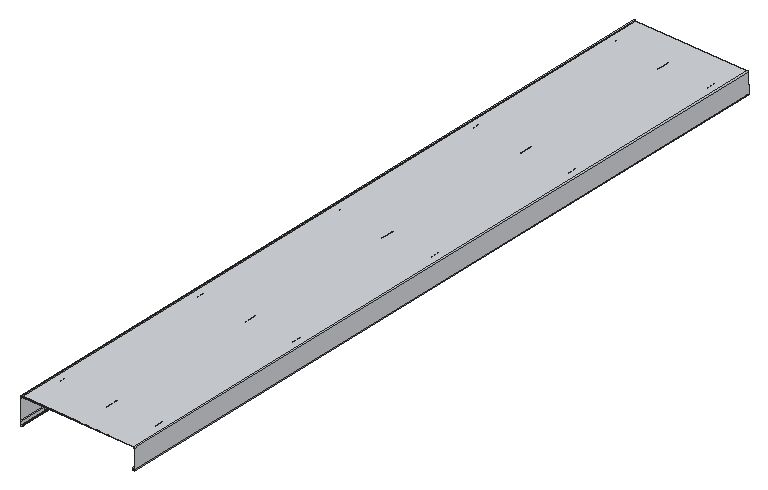
Revit family "AT300", category 一般モデル, Revit 2022
Family settings
  鉄筋をホスト可能 = いいえ
  丸型コネクタ寸法 = 直径を使用
  パーツ タイプ = 標準
  作業面ベース = いいえ
  常に垂直 = はい
  ロード時にボイドで切り取り = いいえ
  注釈の向きを維持 = いいえ
  共有 = いいえ
  部屋計算ポイント = いいえ
Parameters
  笠木長さ [instance] = 2000 mm
  既定の高さ = 0 mm
  定尺笠木長さ = 4000 mm
  固定金具数 [instance] = 5
  判定 [instance] = if(笠木長さ > 4000 mm, 定尺笠木長さ, 笠木長さ)  # 2000 mm
Reference planes
  plane 1 "中心(正面/背面)": y = 0
  plane 2: z = 0
  plane 3 "中心(左/右)": x = 0
  plane 4: y = -2000
  plane 5: x = 150
  plane 6: x = -150
  plane 7: z = -43
  plane 8: y = -100
  plane 9: y = -1900
Forms (mm)
  Extrusion 1, solid
    sketch origin (-234.793, 0, -147.96) x (1, 0, 0) y (0, 0, 1)
      loop
        arc (87.96, 174.802) -> (85.731, 173.986) -> (84.793, 171.807) r 3
        line (84.793, 171.807) -> (84.793, 105.46)
        arc (84.793, 105.46) -> (84.939, 105.107) -> (85.293, 104.96) r 0.5
        line (85.293, 104.96) -> (90.793, 104.96)
        arc (90.793, 104.96) -> (91.146, 105.107) -> (91.293, 105.46) r 0.5
        line (91.293, 105.46) -> (91.293, 107.76)
        arc (91.293, 107.76) -> (91.146, 108.114) -> (90.793, 108.26) r 0.5
        line (90.793, 108.26) -> (87.393, 108.26) -> (87.393, 113.26) -> (86.793, 118.26) -> (86.793, 170.755)
        arc (86.793, 170.755) -> (87.415, 172.206) -> (88.896, 172.753) r 2
        line (88.896, 172.753) -> (380.889, 158.153)
        arc (380.889, 158.153) -> (382.24, 157.535) -> (382.793, 156.155) r 2
        line (382.793, 156.155) -> (382.793, 118.26) -> (382.193, 113.26) -> (382.193, 108.26) -> (378.793, 108.26)
        arc (378.793, 108.26) -> (378.439, 108.114) -> (378.293, 107.76) r 0.5
        line (378.293, 107.76) -> (378.293, 105.46)
        arc (378.293, 105.46) -> (378.439, 105.107) -> (378.793, 104.96) r 0.5
        line (378.793, 104.96) -> (384.293, 104.96)
        arc (384.293, 104.96) -> (384.646, 105.107) -> (384.793, 105.46) r 0.5
        line (384.793, 105.46) -> (384.793, 157.107)
        arc (384.793, 157.107) -> (383.972, 159.168) -> (381.96, 160.102) r 3
        line (381.96, 160.102) -> (87.96, 174.802)
    from 0 to 2000
  Extrusion 2, solid, not visible
    sketch origin (339.89, 0, -34.5) x (1, 0, 0) y (0, 0, 1)
      loop
        arc (87.96, 174.802) -> (85.731, 173.986) -> (84.793, 171.807) r 3
        line (84.793, 171.807) -> (84.793, 105.46)
        arc (84.793, 105.46) -> (84.939, 105.107) -> (85.293, 104.96) r 0.5
        line (85.293, 104.96) -> (90.793, 104.96)
        arc (90.793, 104.96) -> (91.146, 105.107) -> (91.293, 105.46) r 0.5
        line (91.293, 105.46) -> (91.293, 107.76)
        arc (91.293, 107.76) -> (91.146, 108.114) -> (90.793, 108.26) r 0.5
        line (90.793, 108.26) -> (87.393, 108.26) -> (87.393, 113.26) -> (86.793, 118.26) -> (86.793, 170.755)
        arc (86.793, 170.755) -> (87.415, 172.206) -> (88.896, 172.753) r 2
        line (88.896, 172.753) -> (380.889, 158.153)
        arc (380.889, 158.153) -> (382.24, 157.535) -> (382.793, 156.155) r 2
        line (382.793, 156.155) -> (382.793, 118.26) -> (382.193, 113.26) -> (382.193, 108.26) -> (378.793, 108.26)
        arc (378.793, 108.26) -> (378.439, 108.114) -> (378.293, 107.76) r 0.5
        line (378.293, 107.76) -> (378.293, 105.46)
        arc (378.293, 105.46) -> (378.439, 105.107) -> (378.793, 104.96) r 0.5
        line (378.793, 104.96) -> (384.293, 104.96)
        arc (384.293, 104.96) -> (384.646, 105.107) -> (384.793, 105.46) r 0.5
        line (384.793, 105.46) -> (384.793, 157.107)
        arc (384.793, 157.107) -> (383.972, 159.168) -> (381.96, 160.102) r 3
        line (381.96, 160.102) -> (87.96, 174.802)
    from 0 to 250
Dimensions and locks
  "笠木長さ": plane 4 to plane 1 "中心(正面/背面)"
  locked: plane 7 to plane 2 at 43
  locked: plane 6 to plane 3 "中心(左/右)" at 150
  plane 5 to plane 3 "中心(左/右)" = 150 mm
  plane 6 to plane 5 = 300 mm
  locked: plane 1 "中心(正面/背面)" to plane 8 at 100
  locked: plane 9 to plane 4 at 100
  locked: nested 1 to plane 8 at 25
  equal spacing: group 2, group 4, group 5, group 6, group 3  (x2)
  equal spacing: group 3, group 6, group 5, group 4, group 2
  locked: plane 9 to nested 2 at 25
  "判定": Extrusion 1 to plane 1 "中心(正面/背面)"
  aligned and locked: level to plane 2
  aligned and locked: plane 6 to Extrusion 1
  aligned and locked: Extrusion 1 to plane 7
  aligned and locked: Extrusion 1 to plane 4
  aligned and locked: nested 1 to level
Automatic sketch dimensions
  plane 6 to Extrusion 1 sketch curve = 0 mm
  Extrusion 1 sketch curve to plane 7 = 0 mm  (x2)
  plane 5 to Extrusion 1 sketch curve = 0 mm
  Extrusion 1 sketch curve to plane 6 = 0.5 mm
  Extrusion 1 sketch curve to plane 6 = 2 mm
  Extrusion 1 sketch curve to plane 6 = 2.6 mm
  Extrusion 1 sketch curve to Extrusion 1 sketch curve = 1 mm  (x4)
  Extrusion 1 sketch curve to Extrusion 1 sketch curve = 0.168 mm
  Extrusion 1 sketch curve to Extrusion 1 sketch curve = 1.104 mm
  Extrusion 1 sketch curve to Extrusion 1 sketch curve = 3.4 mm
  Extrusion 1 sketch curve to Extrusion 1 sketch curve = 0 mm
  Extrusion 1 sketch curve to Extrusion 1 sketch curve = 0.5 mm  (x2)
  plane 7 to Extrusion 1 sketch curve = 0.5 mm
  plane 5 to Extrusion 1 sketch curve = 6.5 mm
  plane 5 to Extrusion 1 sketch curve = 4 mm
  Extrusion 1 sketch curve to Extrusion 1 sketch curve = 0.096 mm
  Extrusion 1 sketch curve to Extrusion 1 sketch curve = 1.071 mm
  plane 5 to Extrusion 1 sketch curve = 2.6 mm
  plane 5 to Extrusion 1 sketch curve = 0.5 mm
  Extrusion 1 sketch curve to Extrusion 1 sketch curve = 2.3 mm  (x2)
  Extrusion 1 sketch curve to Extrusion 1 sketch curve = 5 mm  (x4)
  level to Extrusion 1 sketch curve = 8.195 mm
  Extrusion 1 sketch curve to Extrusion 1 sketch curve = 0.951 mm
  level to Extrusion 1 sketch curve = 22.795 mm
  Extrusion 1 sketch curve to Extrusion 1 sketch curve = 1.051 mm
Nested families
  nested 1: "ATAF300" at (0, -75, -5), type "ATAF300"
  nested 2: "ATAF300" at (0, -1875, -5), type "ATAF300"
  nested 3: "ATAF300" at (0, -525, -5), type "ATAF300"
  nested 4: "ATAF300" at (0, -975, -5), type "ATAF300"
  nested 5: "ATAF300" at (0, -1425, -5), type "ATAF300"
Definition of nested family "ATAF300"
  Parameters
    Default Elevation = 0 mm
  Reference planes
    plane 1 "中心(正面/背面)": y = 0
    plane 2: z = 5
    plane 3 "中心(左/右)": x = 0
  Forms (mm)
    Extrusion 1, solid
      sketch origin (-234.793, 0, -142.354) x (1, 0, 0) y (0, 0, 1)
        loop
          line (382.193, 108.26) -> (382.193, 116.776) -> (372.593, 156.554) -> (351.093, 157.678) -> (350.626, 156.769) -> (350.593, 154.252)
          arc (350.593, 154.252) -> (349.934, 152.768) -> (348.391, 152.262) r 2
          line (348.391, 152.262) -> (332.607, 153.753) -> (324.043, 153.754) -> (287.673, 153.754) -> (283.162, 151.194) -> (244.793, 151.154) -> (244.793, 153.554) -> (243.293, 153.554) -> (243.293, 151.154) -> (237.443, 151.154)
          arc (237.443, 151.154) -> (236.382, 151.593) -> (235.943, 152.654) r 1.5
          line (235.943, 152.654) -> (235.943, 159.067)
          arc (235.943, 159.067) -> (236.412, 160.157) -> (237.527, 160.565) r 1.5
          line (237.527, 160.565) -> (244.793, 160.201) -> (244.793, 162.504) -> (234.793, 163.004) -> (224.793, 163.504) -> (224.793, 161.201) -> (232.208, 160.83)
          arc (232.208, 160.83) -> (233.226, 160.369) -> (233.643, 159.332) r 1.5
          line (233.643, 159.332) -> (233.643, 152.654)
          arc (233.643, 152.654) -> (233.203, 151.593) -> (232.143, 151.154) r 1.5
          line (232.143, 151.154) -> (226.293, 151.154) -> (226.293, 153.554) -> (224.793, 153.554) -> (224.793, 151.154) -> (186.573, 151.154) -> (182.062, 153.714) -> (153.639, 153.754) -> (137.009, 153.754) -> (126.443, 152.559)
          arc (126.443, 152.559) -> (123.328, 153.55) -> (121.993, 156.533) r 4
          line (121.993, 156.533) -> (121.993, 164.251) -> (120.993, 168.704) -> (96.993, 170.384) -> (87.393, 115.443) -> (87.393, 112.06)
          arc (87.393, 112.06) -> (87.093, 111.76) -> (87.393, 111.46) r 0.3
          line (87.393, 111.46) -> (88.192, 111.46) -> (88.192, 110.09) -> (87.393, 110.09)
          arc (87.393, 110.09) -> (87.063, 109.76) -> (87.393, 109.43) r 0.33
          line (87.393, 109.43) -> (87.393, 108.26) -> (89.493, 108.26) -> (89.493, 110.275) -> (99.73, 162.803)
          arc (99.73, 162.803) -> (101.036, 164.91) -> (103.41, 165.624) r 3.5
          line (103.41, 165.624) -> (115.367, 164.787)
          arc (115.367, 164.787) -> (117.021, 163.998) -> (117.693, 162.293) r 2.5
          line (117.693, 162.293) -> (117.693, 147.354) -> (355.093, 147.354) -> (355.093, 151.619)
          arc (355.093, 151.619) -> (356.069, 152.76) -> (357.523, 153.136) r 2.5
          line (357.523, 153.136) -> (366.952, 152.643)
          arc (366.952, 152.643) -> (368.965, 151.874) -> (370.145, 150.071) r 3.5
          line (370.145, 150.071) -> (380.082, 112.932) -> (380.093, 108.26) -> (382.193, 108.26)
      from 0 to 50
  Dimensions and locks
    Extrusion 1 sketch curve to Extrusion 1 sketch curve = 147.4 mm  (x2)
    Extrusion 1 to plane 3 "中心(左/右)" = 147.4 mm
    Extrusion 1 to level = 0 mm
    aligned and locked: level to plane 2
